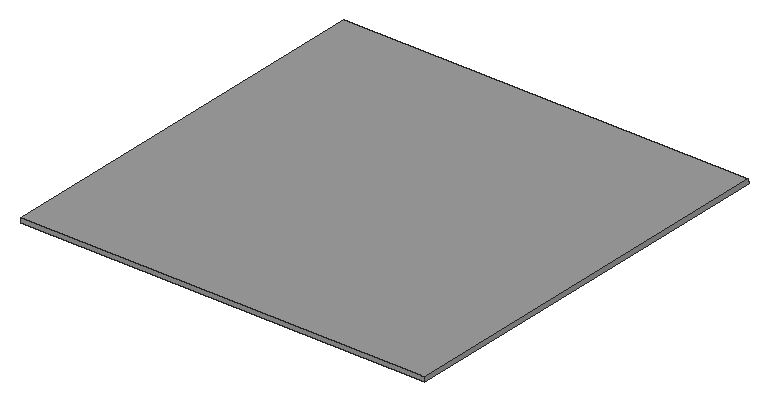
Revit family "WM-MN Skimmend 45mm Family", category Generic Models, host Ceiling, Revit 2017
Family settings
  Host = Ceiling
  Can host rebar = No
  Round Connector Dimension = Use Diameter
  Part Type = Normal
  Always vertical = Yes
  Cut with Voids When Loaded = No
  Shared = No
  Room Calculation Point = No
Parameters (values of type "Lambdaboard")
  Width = 4000 mm
  URL = "www.rigifoam.com"
  Type Comments = "duncan@rigifoam.com"
  Thermal Resistance = 1.8800 (m²·K)/W
  Thermal Conductivity = 0.0240 W/(m·K)
  Model = "WM/MN Skimmend 45mm"
  Material = Polyisocyanurate
  Manufacturer = "Lambdaboard"
  Length = 4000 mm
  Description = "Flexible PIR Insulation"
  Depth = 45 mm
  Density = 40.0000 kg/m³
Reference planes
  plane 1 "Center (Front/Back)": y = 0
  plane 2: z = 0
  plane 3 "Center (Left/Right)": x = 0
  plane 4 "Ceiling": z = 4000
Forms (mm)
  Extrusion 1, solid, material "Polyisocyanurate" <- "Material"
    sketch origin (0, 0, 4000) x (0, 1, 0) y (-1, 0, 0)
      loop
        line (2000, 2000) -> (-2000, 2000) -> (-2000, -2000) -> (2000, -2000) -> (2000, 2000)
    from -45 to 0
Dimensions and locks
  equal spacing: host sketch curve, plane 3 "Center (Left/Right)", host sketch curve
  equal spacing: host sketch curve, plane 1 "Center (Front/Back)", host sketch curve
  host sketch curve to host sketch curve = 4000 mm  (x2)
  plane 4 "Ceiling" to host ceiling = 0 mm
  "Length": Extrusion 1 to Extrusion 1
  "Width": Extrusion 1 to Extrusion 1
  Extrusion 1 to plane 3 "Center (Left/Right)" = 2000 mm
  plane 3 "Center (Left/Right)" to Extrusion 1 = 2000 mm
  "Depth": Extrusion 1 to Extrusion 1
Automatic sketch dimensions
  plane 1 "Center (Front/Back)" to Extrusion 1 sketch curve = 2000 mm
  Extrusion 1 sketch curve to plane 1 "Center (Front/Back)" = 2000 mm
  plane 3 "Center (Left/Right)" to Extrusion 1 sketch curve = 2000 mm
  Extrusion 1 sketch curve to plane 3 "Center (Left/Right)" = 2000 mm
